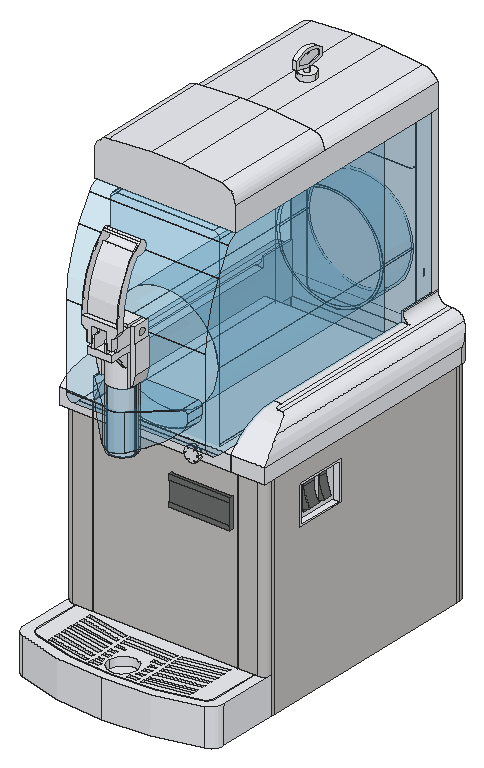
Revit family "QF_ELECTROLUXPROFESSIONAL_560096_SP1New", category Specialty Equipment, Revit 2018 (continued)
Lines and regions (mm)
  Split face 68
    outline origin (-128, -90, 0) x (0, -1, 0) y (0, 0, -1)
      loop
        line (-30.859, -262.213) -> (-104.859, -262.213) -> (-100.359, -270.213) -> (-35.359, -270.213) -> (-30.859, -262.213)
  Split face 69
    outline origin (-128, -90, 0) x (0, -1, 0) y (0, 0, -1)
      loop
        line (-30.859, -252.213) -> (-104.859, -252.213) -> (-100.359, -260.213) -> (-35.359, -260.213) -> (-30.859, -252.213)
  Split face 70
    outline origin (-128, -90, 0) x (0, -1, 0) y (0, 0, -1)
      loop
        line (-30.859, -242.213) -> (-104.859, -242.213) -> (-100.359, -250.213) -> (-35.359, -250.213) -> (-30.859, -242.213)
  Split face 71
    outline origin (-128, -90, -20) x (0, -1, 0) y (0, 0, -1)
      loop
        line (-30.859, -252.213) -> (-104.859, -252.213) -> (-100.359, -260.213) -> (-35.359, -260.213) -> (-30.859, -252.213)
  Split face 72
    outline origin (-128, -90, -20) x (0, -1, 0) y (0, 0, -1)
      loop
        line (-30.859, -242.213) -> (-104.859, -242.213) -> (-100.359, -250.213) -> (-35.359, -250.213) -> (-30.859, -242.213)
  Split face 73
    outline origin (-128, -90, -40) x (0, -1, 0) y (0, 0, -1)
      loop
        line (-30.859, -252.213) -> (-104.859, -252.213) -> (-100.359, -260.213) -> (-35.359, -260.213) -> (-30.859, -252.213)
  Split face 74
    outline origin (-128, -90, -40) x (0, -1, 0) y (0, 0, -1)
      loop
        line (-30.859, -242.213) -> (-104.859, -242.213) -> (-100.359, -250.213) -> (-35.359, -250.213) -> (-30.859, -242.213)
  Split face 75
    outline origin (-128, -90, -60) x (0, -1, 0) y (0, 0, -1)
      loop
        line (-30.859, -252.213) -> (-104.859, -252.213) -> (-100.359, -260.213) -> (-35.359, -260.213) -> (-30.859, -252.213)
  Split face 76
    outline origin (-128, -90, -60) x (0, -1, 0) y (0, 0, -1)
      loop
        line (-30.859, -242.213) -> (-104.859, -242.213) -> (-100.359, -250.213) -> (-35.359, -250.213) -> (-30.859, -242.213)
  Split face 77
    outline origin (-128, -90, -80) x (0, -1, 0) y (0, 0, -1)
      loop
        line (-30.859, -252.213) -> (-104.859, -252.213) -> (-100.359, -260.213) -> (-35.359, -260.213) -> (-30.859, -252.213)
  Split face 78
    outline origin (-128, -90, -80) x (0, -1, 0) y (0, 0, -1)
      loop
        line (-30.859, -242.213) -> (-104.859, -242.213) -> (-100.359, -250.213) -> (-35.359, -250.213) -> (-30.859, -242.213)
  Split face 79
    outline origin (-128, -90, -100) x (0, -1, 0) y (0, 0, -1)
      loop
        line (-30.859, -252.213) -> (-104.859, -252.213) -> (-100.359, -260.213) -> (-35.359, -260.213) -> (-30.859, -252.213)
  Split face 80
    outline origin (-128, -90, -100) x (0, -1, 0) y (0, 0, -1)
      loop
        line (-30.859, -242.213) -> (-104.859, -242.213) -> (-100.359, -250.213) -> (-35.359, -250.213) -> (-30.859, -242.213)
  Split face 81
    outline origin (-128, -90, -120) x (0, -1, 0) y (0, 0, -1)
      loop
        line (-30.859, -252.213) -> (-104.859, -252.213) -> (-100.359, -260.213) -> (-35.359, -260.213) -> (-30.859, -252.213)
  Split face 82
    outline origin (-128, -90, -120) x (0, -1, 0) y (0, 0, -1)
      loop
        line (-30.859, -242.213) -> (-104.859, -242.213) -> (-100.359, -250.213) -> (-35.359, -250.213) -> (-30.859, -242.213)
  Split face 83
    outline origin (-128, -90, -140) x (0, -1, 0) y (0, 0, -1)
      loop
        line (-30.859, -252.213) -> (-104.859, -252.213) -> (-100.359, -260.213) -> (-35.359, -260.213) -> (-30.859, -252.213)
  Split face 84
    outline origin (-128, -90, -140) x (0, -1, 0) y (0, 0, -1)
      loop
        line (-30.859, -242.213) -> (-104.859, -242.213) -> (-100.359, -250.213) -> (-35.359, -250.213) -> (-30.859, -242.213)
  Split face 85
    outline origin (-128, -90, -160) x (0, -1, 0) y (0, 0, -1)
      loop
        line (-30.859, -252.213) -> (-104.859, -252.213) -> (-100.359, -260.213) -> (-35.359, -260.213) -> (-30.859, -252.213)
  Split face 86
    outline origin (-128, -90, -160) x (0, -1, 0) y (0, 0, -1)
      loop
        line (-30.859, -242.213) -> (-104.859, -242.213) -> (-100.359, -250.213) -> (-35.359, -250.213) -> (-30.859, -242.213)
  Split face 87
    outline origin (-128, -90, -180) x (0, -1, 0) y (0, 0, -1)
      loop
        line (-30.859, -252.213) -> (-104.859, -252.213) -> (-100.359, -260.213) -> (-35.359, -260.213) -> (-30.859, -252.213)
  Split face 88
    outline origin (-128, -90, -180) x (0, -1, 0) y (0, 0, -1)
      loop
        line (-30.859, -242.213) -> (-104.859, -242.213) -> (-100.359, -250.213) -> (-35.359, -250.213) -> (-30.859, -242.213)
  Split face 89
    outline origin (-128, -90, -200) x (0, -1, 0) y (0, 0, -1)
      loop
        line (-30.859, -252.213) -> (-104.859, -252.213) -> (-100.359, -260.213) -> (-35.359, -260.213) -> (-30.859, -252.213)
  Split face 90
    outline origin (-128, -90, -200) x (0, -1, 0) y (0, 0, -1)
      loop
        line (-30.859, -242.213) -> (-104.859, -242.213) -> (-100.359, -250.213) -> (-35.359, -250.213) -> (-30.859, -242.213)
  Split face 91
    outline origin (-89.958, 209.321, 14) x (1, 0, 0) y (0, 0, -1)
      loop
        line (19.909, -204.404) -> (29.909, -204.404) -> (29.909, -141.98) -> (19.909, -141.98) -> (19.909, -204.404)
  Split face 92
    outline origin (-76.909, 209.321, 14) x (1, 0, 0) y (0, 0, -1)
      loop
        line (19.909, -204.404) -> (29.909, -204.404) -> (29.909, -141.98) -> (19.909, -141.98) -> (19.909, -204.404)
  Split face 93
    outline origin (-63.909, 209.321, 14) x (1, 0, 0) y (0, 0, -1)
      loop
        line (19.909, -204.404) -> (29.909, -204.404) -> (29.909, -141.98) -> (19.909, -141.98) -> (19.909, -204.404)
  Split face 94
    outline origin (-50.909, 209.321, 14) x (1, 0, 0) y (0, 0, -1)
      loop
        line (19.909, -204.404) -> (29.909, -204.404) -> (29.909, -141.98) -> (19.909, -141.98) -> (19.909, -204.404)
  Split face 95
    outline origin (-37.909, 209.321, 14) x (1, 0, 0) y (0, 0, -1)
      loop
        line (19.909, -204.404) -> (29.909, -204.404) -> (29.909, -141.98) -> (19.909, -141.98) -> (19.909, -204.404)
  Split face 96
    outline origin (-24.909, 209.321, 14) x (1, 0, 0) y (0, 0, -1)
      loop
        line (19.909, -204.404) -> (29.909, -204.404) -> (29.909, -141.98) -> (19.909, -141.98) -> (19.909, -204.404)
  Split face 97
    outline origin (89.958, 209.321, 14) x (-1, 0, 0) y (0, 0, 1)
      loop
        line (19.909, 204.404) -> (19.909, 141.98) -> (29.909, 141.98) -> (29.909, 204.404) -> (19.909, 204.404)
  Split face 98
    outline origin (76.909, 209.321, 14) x (-1, 0, 0) y (0, 0, 1)
      loop
        line (19.909, 204.404) -> (19.909, 141.98) -> (29.909, 141.98) -> (29.909, 204.404) -> (19.909, 204.404)
  Split face 99
    outline origin (63.909, 209.321, 14) x (-1, 0, 0) y (0, 0, 1)
      loop
        line (19.909, 204.404) -> (19.909, 141.98) -> (29.909, 141.98) -> (29.909, 204.404) -> (19.909, 204.404)
  Split face 100
    outline origin (50.909, 209.321, 14) x (-1, 0, 0) y (0, 0, 1)
      loop
        line (19.909, 204.404) -> (19.909, 141.98) -> (29.909, 141.98) -> (29.909, 204.404) -> (19.909, 204.404)
  Split face 101
    outline origin (37.909, 209.321, 14) x (-1, 0, 0) y (0, 0, 1)
      loop
        line (19.909, 204.404) -> (19.909, 141.98) -> (29.909, 141.98) -> (29.909, 204.404) -> (19.909, 204.404)
  Split face 102
    outline origin (-89.958, 209.321, -53) x (1, 0, 0) y (0, 0, -1)
      loop
        line (19.909, -204.404) -> (29.909, -204.404) -> (29.909, -141.98) -> (19.909, -141.98) -> (19.909, -204.404)
  Split face 103
    outline origin (-76.909, 209.321, -53) x (1, 0, 0) y (0, 0, -1)
      loop
        line (19.909, -204.404) -> (29.909, -204.404) -> (29.909, -141.98) -> (19.909, -141.98) -> (19.909, -204.404)
  Split face 104
    outline origin (-63.909, 209.321, -53) x (1, 0, 0) y (0, 0, -1)
      loop
        line (19.909, -204.404) -> (29.909, -204.404) -> (29.909, -141.98) -> (19.909, -141.98) -> (19.909, -204.404)
  Split face 105
    outline origin (-50.909, 209.321, -53) x (1, 0, 0) y (0, 0, -1)
      loop
        line (19.909, -204.404) -> (29.909, -204.404) -> (29.909, -141.98) -> (19.909, -141.98) -> (19.909, -204.404)
  Split face 106
    outline origin (-37.909, 209.321, -53) x (1, 0, 0) y (0, 0, -1)
      loop
        line (19.909, -204.404) -> (29.909, -204.404) -> (29.909, -141.98) -> (19.909, -141.98) -> (19.909, -204.404)
  Split face 107
    outline origin (-24.909, 209.321, -53) x (1, 0, 0) y (0, 0, -1)
      loop
        line (19.909, -204.404) -> (29.909, -204.404) -> (29.909, -141.98) -> (19.909, -141.98) -> (19.909, -204.404)
  Split face 108
    outline origin (89.958, 209.321, -53) x (-1, 0, 0) y (0, 0, 1)
      loop
        line (19.909, 204.404) -> (19.909, 141.98) -> (29.909, 141.98) -> (29.909, 204.404) -> (19.909, 204.404)
  Split face 109
    outline origin (76.909, 209.321, -53) x (-1, 0, 0) y (0, 0, 1)
      loop
        line (19.909, 204.404) -> (19.909, 141.98) -> (29.909, 141.98) -> (29.909, 204.404) -> (19.909, 204.404)
  Split face 110
    outline origin (63.909, 209.321, -53) x (-1, 0, 0) y (0, 0, 1)
      loop
        line (19.909, 204.404) -> (19.909, 141.98) -> (29.909, 141.98) -> (29.909, 204.404) -> (19.909, 204.404)
  Split face 111
    outline origin (50.909, 209.321, -53) x (-1, 0, 0) y (0, 0, 1)
      loop
        line (19.909, 204.404) -> (19.909, 141.98) -> (29.909, 141.98) -> (29.909, 204.404) -> (19.909, 204.404)
  Split face 112
    outline origin (37.909, 209.321, -53) x (-1, 0, 0) y (0, 0, 1)
      loop
        line (19.909, 204.404) -> (19.909, 141.98) -> (29.909, 141.98) -> (29.909, 204.404) -> (19.909, 204.404)
  Split face 113
    outline origin (-89.958, 209.321, -120) x (1, 0, 0) y (0, 0, -1)
      loop
        line (19.909, -204.404) -> (29.909, -204.404) -> (29.909, -141.98) -> (19.909, -141.98) -> (19.909, -204.404)
  Split face 114
    outline origin (-76.909, 209.321, -120) x (1, 0, 0) y (0, 0, -1)
      loop
        line (19.909, -204.404) -> (29.909, -204.404) -> (29.909, -141.98) -> (19.909, -141.98) -> (19.909, -204.404)
  Split face 115
    outline origin (-63.909, 209.321, -120) x (1, 0, 0) y (0, 0, -1)
      loop
        line (19.909, -204.404) -> (29.909, -204.404) -> (29.909, -141.98) -> (19.909, -141.98) -> (19.909, -204.404)
  Split face 116
    outline origin (-50.909, 209.321, -120) x (1, 0, 0) y (0, 0, -1)
      loop
        line (19.909, -204.404) -> (29.909, -204.404) -> (29.909, -141.98) -> (19.909, -141.98) -> (19.909, -204.404)
  Split face 117
    outline origin (-37.909, 209.321, -120) x (1, 0, 0) y (0, 0, -1)
      loop
        line (19.909, -204.404) -> (29.909, -204.404) -> (29.909, -141.98) -> (19.909, -141.98) -> (19.909, -204.404)
  Split face 118
    outline origin (-24.909, 209.321, -120) x (1, 0, 0) y (0, 0, -1)
      loop
        line (19.909, -204.404) -> (29.909, -204.404) -> (29.909, -141.98) -> (19.909, -141.98) -> (19.909, -204.404)
  Split face 119
    outline origin (89.958, 209.321, -120) x (-1, 0, 0) y (0, 0, 1)
      loop
        line (19.909, 204.404) -> (19.909, 141.98) -> (29.909, 141.98) -> (29.909, 204.404) -> (19.909, 204.404)
  Split face 120
    outline origin (76.909, 209.321, -120) x (-1, 0, 0) y (0, 0, 1)
      loop
        line (19.909, 204.404) -> (19.909, 141.98) -> (29.909, 141.98) -> (29.909, 204.404) -> (19.909, 204.404)
  Split face 121
    outline origin (63.909, 209.321, -120) x (-1, 0, 0) y (0, 0, 1)
      loop
        line (19.909, 204.404) -> (19.909, 141.98) -> (29.909, 141.98) -> (29.909, 204.404) -> (19.909, 204.404)
  Split face 122
    outline origin (50.909, 209.321, -120) x (-1, 0, 0) y (0, 0, 1)
      loop
        line (19.909, 204.404) -> (19.909, 141.98) -> (29.909, 141.98) -> (29.909, 204.404) -> (19.909, 204.404)
  Split face 123
    outline origin (37.909, 209.321, -120) x (-1, 0, 0) y (0, 0, 1)
      loop
        line (19.909, 204.404) -> (19.909, 141.98) -> (29.909, 141.98) -> (29.909, 204.404) -> (19.909, 204.404)
  symbolic lines
    curve 1: arc (-116.528, -193.147, 14) -> (-69.509, -206.233, 14) -> (-21.031, -211.892, 14) r 314.7
    curve 2: arc (-128, -176.764, 14) -> (-124.847, -186.764, 14) -> (-116.528, -193.147, 14) r 17.434
    curve 3: line (-128, -108.594, 14) -> (-128, -176.764, 14)
    curve 4: line (-114, -115.977, 14) -> (-114, -172.813, 14)
    curve 5: arc (-114, -172.813, 14) -> (-111.75, -179.808, 14) -> (-105.843, -184.18, 14) r 12
    curve 6: arc (-105.843, -184.18, 14) -> (-64.978, -194.885, 14) -> (-23.02, -199.796, 14) r 302.7
    curve 7: arc (23.02, -199.796, 14) -> (64.978, -194.885, 14) -> (105.843, -184.18, 14) r 302.7
    curve 8: arc (105.843, -184.18, 14) -> (111.75, -179.808, 14) -> (114, -172.813, 14) r 12
    curve 9: line (114, -172.813, 14) -> (114, -115.977, 14)
    curve 10: arc (116.528, -193.147, 14) -> (124.847, -186.764, 14) -> (128, -176.764, 14) r 17.434
    curve 11: line (128, -176.764, 14) -> (128, -108.495, 14)
    curve 12: arc (-90.277, -183.786, 14) -> (-62.925, -190.182, 14) -> (-35.093, -193.971, 14) r 297.7
    curve 13: line (-35.093, -193.971, 14) -> (-35.093, -188.951, 14)
    curve 14: arc (-35.093, -188.951, 14) -> (-62.934, -185.094, 14) -> (-90.277, -178.584, 14) r 292.7
    curve 15: line (-90.277, -178.584, 14) -> (-90.277, -183.786, 14)
    curve 16: arc (-90.277, -173.786, 14) -> (-62.925, -180.182, 14) -> (-35.093, -183.971, 14) r 297.7
    curve 17: arc (-35.093, -178.951, 14) -> (-62.934, -175.094, 14) -> (-90.277, -168.584, 14) r 292.7
    curve 18: line (-90.277, -168.584, 14) -> (-90.277, -173.786, 14)
    curve 19: line (-35.093, -183.971, 14) -> (-35.093, -178.951, 14)
    curve 20: arc (-90.277, -163.786, 14) -> (-65.353, -169.723, 14) -> (-40.011, -173.495, 14) r 297.7
    curve 21: arc (-45.705, -167.802, 14) -> (-68.17, -164.061, 14) -> (-90.277, -158.584, 14) r 292.7
    curve 22: line (-90.277, -158.584, 14) -> (-90.277, -163.786, 14)
    curve 23: arc (-90.277, -153.786, 14) -> (-70.995, -158.577, 14) -> (-51.436, -162.07, 14) r 297.7
    curve 24: arc (-57.452, -156.07, 14) -> (-65.27, -154.645, 14) -> (-73.045, -153.009, 14) r 292.7
    curve 25: line (-90.277, -148.584, 14) -> (-90.277, -153.786, 14)
    curve 26: arc (-90.277, -143.786, 14) -> (-86.66, -144.789, 14) -> (-83.031, -145.747, 14) r 297.7
    curve 27: arc (-83.031, -140.581, 14) -> (-86.66, -139.606, 14) -> (-90.277, -138.584, 14) r 292.7
    curve 28: line (-90.277, -138.584, 14) -> (-90.277, -143.786, 14)
    curve 29: arc (-90.277, -133.786, 14) -> (-86.66, -134.789, 14) -> (-83.031, -135.747, 14) r 297.7
    curve 30: arc (-83.031, -130.581, 14) -> (-86.66, -129.606, 14) -> (-90.277, -128.584, 14) r 292.7
    curve 31: line (-90.277, -128.584, 14) -> (-90.277, -133.786, 14)
    curve 32: arc (-30.3, -184.288, 14) -> (-29.707, -184.315, 14) -> (-29.113, -184.342, 14) r 649.216
    curve 33: line (-30.3, -183.206, 14) -> (-30.3, -184.288, 14)
    curve 34: arc (-23.968, -189.549, 14) -> (-27.134, -189.423, 14) -> (-30.3, -189.282, 14) r 644.216
    curve 35: line (-30.3, -189.282, 14) -> (-30.3, -194.288, 14)
    curve 36: arc (-30.3, -194.288, 14) -> (-26.66, -194.447, 14) -> (-23.02, -194.587, 14) r 649.216
    curve 37: arc (90.277, -183.786, 14) -> (62.925, -190.182, 14) -> (35.093, -193.971, 14) r 297.7
    curve 38: line (35.093, -193.971, 14) -> (35.093, -188.951, 14)
    curve 39: arc (35.093, -188.951, 14) -> (62.934, -185.094, 14) -> (90.277, -178.584, 14) r 292.7
    curve 40: line (90.277, -178.584, 14) -> (90.277, -183.786, 14)
    curve 41: arc (90.277, -173.786, 14) -> (62.925, -180.182, 14) -> (35.093, -183.971, 14) r 297.7
    curve 42: arc (35.093, -178.951, 14) -> (62.934, -175.094, 14) -> (90.277, -168.584, 14) r 292.7
    curve 43: line (90.277, -168.584, 14) -> (90.277, -173.786, 14)
    curve 44: line (35.093, -183.971, 14) -> (35.093, -178.951, 14)
    curve 45: arc (90.277, -163.786, 14) -> (65.32, -169.73, 14) -> (39.943, -173.502, 14) r 297.7
    curve 46: arc (45.634, -167.811, 14) -> (68.136, -164.068, 14) -> (90.277, -158.584, 14) r 292.7
    curve 47: line (90.277, -158.584, 14) -> (90.277, -163.786, 14)
    curve 48: arc (90.277, -153.786, 14) -> (70.959, -158.584, 14) -> (51.364, -162.081, 14) r 297.7
    curve 49: arc (57.36, -156.085, 14) -> (65.223, -154.654, 14) -> (73.045, -153.009, 14) r 292.7
    curve 50: line (90.277, -148.584, 14) -> (90.277, -153.786, 14)
    curve 51: arc (90.277, -143.786, 14) -> (85.368, -145.136, 14) -> (80.436, -146.402, 14) r 297.7
    curve 52: arc (80.436, -141.248, 14) -> (85.368, -139.959, 14) -> (90.277, -138.584, 14) r 292.7
    curve 53: line (90.277, -138.584, 14) -> (90.277, -143.786, 14)
    curve 54: arc (90.277, -133.786, 14) -> (85.368, -135.136, 14) -> (80.436, -136.402, 14) r 297.7
    curve 55: arc (80.436, -131.248, 14) -> (85.368, -129.959, 14) -> (90.277, -128.584, 14) r 292.7
    curve 56: line (90.277, -128.584, 14) -> (90.277, -133.786, 14)
    curve 57: arc (30.3, -184.288, 14) -> (29.689, -184.316, 14) -> (29.077, -184.344, 14) r 649.216
    curve 58: line (30.3, -183.145, 14) -> (30.3, -184.288, 14)
    curve 59: arc (23.877, -189.552, 14) -> (27.089, -189.425, 14) -> (30.3, -189.282, 14) r 644.216
    curve 60: line (30.3, -189.282, 14) -> (30.3, -194.288, 14)
    curve 61: arc (30.3, -194.288, 14) -> (26.66, -194.447, 14) -> (23.02, -194.587, 14) r 649.216
    curve 62: line (-90.031, 212, 14) -> (-90.031, -113.009, 14)
    curve 64: arc (-90.031, 30.512, 14) -> (-84.173, 16.37, 14) -> (-70.031, 10.512, 14) r 20
    curve 65: arc (89.969, 30.512, 14) -> (84.111, 16.37, 14) -> (69.969, 10.512, 14) r 20
    curve 66: line (89.969, 30.512, 14) -> (89.969, -113.009, 14)
    curve 67: line (-3, 135.359, 14) -> (3, 135.359, 14)
    curve 68: line (-3, 96.233, 14) -> (-3, 135.359, 14)
    curve 69: line (3, 96.233, 14) -> (-3, 96.233, 14)
    curve 70: line (3, 135.359, 14) -> (3, 96.233, 14)
    curve 71: arc (-3, 105.213, 14) -> (-11, 115.796, 14) -> (-3, 126.379, 14) r 11
    curve 72: arc (3, 126.379, 14) -> (11, 115.796, 14) -> (3, 105.213, 14) r 11
    curve 73: arc (-90.031, -93.009, 14) -> (-82.737, -87.583, 14) -> (-73.891, -85.483, 14) r 22.513
    curve 74: arc (89.969, -93.009, 14) -> (82.675, -87.583, 14) -> (73.83, -85.483, 14) r 22.513
    curve 75: arc (-73.891, -85.483, 14) -> (-0.031, -83.009, 14) -> (73.83, -85.483, 14) r 1103.745
    curve 76: line (-0.031, -113.009, 14) -> (-0.031, -171, 14)
    curve 77: line (-83.031, -113.009, 14) -> (-83.031, -153.009, 14)
    curve 78: line (80.436, -113.009, 14) -> (80.436, -153.009, 14)
    curve 79: line (80.436, -153.009, 14) -> (-83.031, -153.009, 14)
    curve 80: line (55.436, -153.009, 14) -> (20.969, -187.476, 14)
    curve 81: line (-21.031, -216, 14) -> (20.969, -216, 14)
    curve 82: line (20.969, -216, 14) -> (20.969, -171, 14)
    curve 83: line (20.969, -171, 14) -> (-21.031, -171, 14)
    curve 84: line (15.969, -216, 14) -> (15.969, -181, 14)
    curve 85: line (15.969, -181, 14) -> (-15.031, -181, 14)
    curve 86: line (-15.031, -196, 14) -> (15.969, -196, 14)
    curve 87: line (60.436, -153.009, 14) -> (20.969, -192.476, 14)
    curve 88: line (-55.497, -153.009, 14) -> (-21.031, -187.476, 14)
    curve 89: line (-60.497, -153.009, 14) -> (-21.031, -192.476, 14)
    curve 90: line (-21.031, -216, 14) -> (-21.031, -171, 14)
    curve 91: line (-15.031, -216, 14) -> (-15.031, -181, 14)
    curve 95: arc (-111.031, -118.009, 14) -> (-125.173, -112.151, 14) -> (-131.031, -98.009, 14) r 20
    curve 96: line (-111.531, 212, 14) -> (-111.531, -50.009, 14)
    curve 97: line (-111.531, -50.009, 14) -> (-128.531, -50.009, 14)
    curve 98: line (-128.531, -50.009, 14) -> (-128.531, 206.68, 14)
    curve 99: arc (-118.054, 212, 14) -> (-127.23, 208.199, 14) -> (-131.031, 199.023, 14) r 12.977
    curve 100: line (-111.531, -50.009, 14) -> (-111.531, -67.785, 14)
    curve 101: arc (-111.531, -67.785, 14) -> (-113.43, -92.343, 14) -> (-119.082, -116.317, 14) r 159.732
    curve 102: line (-128.531, -50.009, 14) -> (-131.031, -67.798, 14)
    curve 103: line (-90.031, 157, 14) -> (-105.031, 157, 14)
    curve 104: line (-105.031, 157, 14) -> (-105.031, -88.009, 14)
    curve 105: arc (-105.031, -88.009, 14) -> (-103.566, -99.132, 14) -> (-99.273, -109.498, 14) r 42.977
    curve 106: line (-99.273, -109.498, 14) -> (-90.031, -109.498, 14)
    curve 110: arc (110.969, -118.009, 14) -> (125.111, -112.151, 14) -> (130.969, -98.009, 14) r 20
    curve 111: line (111.469, 212, 14) -> (111.469, -50.009, 14)
    curve 112: line (111.469, -50.009, 14) -> (128.469, -50.009, 14)
    curve 113: line (128.469, -50.009, 14) -> (128.469, 206.68, 14)
    curve 114: arc (117.992, 212, 14) -> (127.168, 208.199, 14) -> (130.969, 199.023, 14) r 12.977
    curve 115: line (111.469, -50.009, 14) -> (111.469, -67.785, 14)
    curve 116: arc (111.469, -67.785, 14) -> (113.368, -92.343, 14) -> (119.021, -116.317, 14) r 159.732
    curve 117: line (128.469, -50.009, 14) -> (130.969, -67.798, 14)
    curve 118: line (89.969, 157, 14) -> (104.969, 157, 14)
    curve 119: line (104.969, 157, 14) -> (104.969, -88.009, 14)
    curve 120: arc (104.969, -88.009, 14) -> (103.505, -99.132, 14) -> (99.211, -109.498, 14) r 42.977
    curve 121: line (99.211, -109.498, 14) -> (89.969, -109.498, 14)
    curve 125: arc (-83.031, -150.581, 14) -> (-86.66, -149.606, 14) -> (-90.277, -148.584, 14) r 292.7
    curve 126: arc (-90.277, -123.786, 14) -> (-86.668, -124.787, 14) -> (-83.046, -125.743, 14) r 297.7
    curve 127: line (-90.277, -118.584, 14) -> (-90.277, -123.786, 14)
    curve 128: arc (-83.043, -120.578, 14) -> (-86.666, -119.604, 14) -> (-90.277, -118.584, 14) r 292.7
    curve 129: arc (20.969, -211.894, 14) -> (69.478, -206.239, 14) -> (116.528, -193.147, 14) r 314.7
    curve 130: arc (80.436, -151.248, 14) -> (85.368, -149.959, 14) -> (90.277, -148.584, 14) r 292.7
    curve 131: arc (90.277, -118.584, 14) -> (85.368, -119.959, 14) -> (80.436, -121.248, 14) r 292.7
    curve 132: line (90.277, -123.786, 14) -> (90.277, -118.584, 14)
    curve 133: arc (80.436, -126.402, 14) -> (85.368, -125.136, 14) -> (90.277, -123.786, 14) r 297.7
  symbolic lines, style "SpecialityEquipment"
    curve 63: line (-70.031, 10.512, 14) -> (69.969, 10.512, 14)
    curve 92: line (117.992, 212, 14) -> (-118.054, 212, 14)
    curve 93: line (89.969, 212, 14) -> (89.969, 30.512, 14)
    curve 94: line (89.969, -113.009, 14) -> (-90.031, -113.009, 14)
    curve 107: line (-131.031, 199.023, 14) -> (-131.031, -98.009, 14)
    curve 108: line (-90.031, -113.009, 14) -> (-90.031, -118.009, 14)
    curve 109: line (-90.031, -118.009, 14) -> (-111.031, -118.009, 14)
    curve 122: line (130.969, 199.023, 14) -> (130.969, -98.009, 14)
    curve 123: line (89.969, -113.009, 14) -> (89.969, -118.009, 14)
    curve 124: line (89.969, -118.009, 14) -> (110.969, -118.009, 14)
Dimensions and locks
  plane 4 "FEET" to level = 14 mm
  plane 6 "LEFT" to plane 3 "Center (Left/Right)" to plane 7 "RIGHT" = 131 mm, 131 mm
  plane 5 "BACK" to plane 1 "Center (Front/Back)" = 212 mm
  plane 6 "LEFT" to plane 7 "RIGHT" = 262 mm
  plane 5 "BACK" to plane 8 = 43 mm
  plane 8 to plane 11 = 250 mm
  plane 14 "TOP" to level = 640 mm
  plane 15 "FRONT" to plane 5 "BACK" = 428 mm
  plane 5 "BACK" to plane 15 "FRONT" = 428 mm
  Extrusion 63 to Extrusion 62 = 606 mm
  Extrusion 62 to Extrusion 63 = 613 mm
  cut or joined group of Extrusion 44, Extrusion 65 to cut or joined group of Extrusion 44, Extrusion 65 = 180.056 mm
  aligned and locked: level to plane 2 "BASE"
Connectors
  electrical at (69, -56, 4)
    settings: on Extrusion 30, index 1, voltage 0 V, apparent load 0 VA, apparent load phase1 0 VA, apparent load phase2 0 VA, apparent load phase3 0 VA, power factor 1, load classification "Other", number of poles 1, system type 30, power factor state 1, is connector primary yes, connector utility no, sub classification motor no, connector description "Electrical connection"
